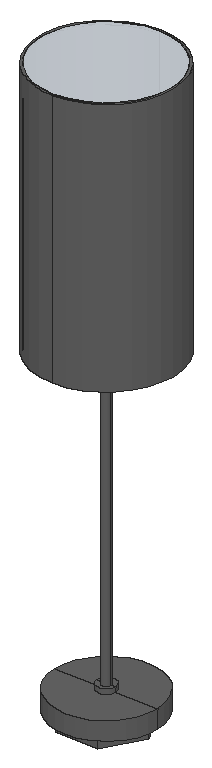
Revit family "LTC-6RDW-P", category Lighting Fixtures, host Face, Revit 2017
Family settings
  Host = Face
  Round Connector Dimension = Use Diameter
  Part Type = Normal
  OmniClass Number = 23.80.70.11.14.11
  OmniClass Title = Downlights
  Cut with Voids When Loaded = No
  Light Source = Yes
  Shared = No
  Room Calculation Point = No
Parameters (values of type "LTC-6RDW-P")
  Wattage Comments = ""
  Wattage = 70 W
  Warranty = "• 5 year warranty\r\n• See HLI Standard Warranty for\r\nadditional information"  # constant formula
  built-in parameter 1150110 = 1 (stored number, unit not read)
  Voltage = 120 V
  built-in parameter 1114217 = 1 (stored number, unit not read)
  Tilt Angle = -90.00°  # constant formula
  built-in parameter 1150109 = 1 (stored number, unit not read)
  built-in parameter 1150134 = 3
  built-in parameter 1150113 = 1 (stored number, unit not read)
  Recessed_Canopy = yes
  Photometric Web File = "LTC-6RD-P-20L35K8MD-DM1-S-BL.ies"
  Features = "• 6inch architectural LED downlight and wall wash cylinder delivering 600 - 2500 lm \r\n• 4 beam distributions from 0.3 to 1.1 Spacing Criteria \r\n• Quiet reflector appearance with 50º optical cutoff \r\n• SpectraSync™ Color Tuning technology allows the flexibility to tailor CCT to aesthetic preferences\r\n• Available in Dim To Warm (2200K-3000K) or Tunable White (2700K-5000K or 2700K-6500K), 90+ CRI \r\n• Available in Surface, Wall, Pendant, or Cable/Cord Mount configurations \r\n• Versatile canopy options for recessed and surface-mounted J-box applications \r\n• Standard with 0-10V dimming to 5%\r\n"  # constant formula
  Cord Height = 17.500"
  built-in parameter 1150105 = 389.93 (stored number, unit not read)
  Lumens = 4900 lm
  built-in parameter 1150115 = 1 (stored number, unit not read)
  built-in parameter 1150137 = (empty or 0)
  built-in parameter 1150139 = (empty or 0)
  built-in parameter 1150112 = 1 (stored number, unit not read)
  built-in parameter 1150114 = 1 (stored number, unit not read)
  built-in parameter 1150132 = (empty or 0)
  built-in parameter 1150102 = (empty or 0)
  built-in parameter 1150107 = 3200 (stored number, unit not read)
  built-in parameter 1150138 = (empty or 0)
  built-in parameter 1150106 = 3.8993 (stored number, unit not read)
  Emit from Circle Diameter = 6.000"  # constant formula
  Emit Shape Visible in Rendering = no
  built-in parameter 1150104 = 6.5032 (stored number, unit not read)
  Dimming Lamp Color Temperature Shift = <None>
  Copyright = "© 2021 Prescolite, a division of Hubbell Lighting, Inc"  # constant formula
  Contact us = "https://www.hubbell.com/prescolite/en/contactUs"
  Color Filter = 16777215
  Certifications = "• cCSAus certified to UL 1598\r\n• Wall Mount: Suitable for wet locations\r\n• Surface & Pendant Mount: Suitable for wet\r\nlocations under covered ceiling\r\n• Cord Mount and all Wall Wash: Suitable for\r\ndamp locations"  # constant formula
  Canopy Width = 5.600"
  Canopy Height = 1.000"
  Canopy = yes
  built-in parameter 1114218 = 1 (stored number, unit not read)
  Ballast = Paint - Hubbell - Carbon Black
  URL = "https://www.hubbell.com/prescolite/en"
  Product Page URL = "https://www.hubbell.com/prescolite/en/Products/Lighting-Controls/Commercial-Indoor-Lighting/Cylinders/LITEISTRY-6-Round-Cylinder-wSpectraSync/p/3775873"
  Product Documentation Link = "https://hubbellcdn.com/specsheet/LTC-6RDW%20SpectraSync.pdf"
  Model = "LTC-6RDW"  # constant formula
  Manufacturer = "Prescolite"  # constant formula
  Lamp = "LED Lamp"
  Reflector = Glass - Hubbell - Glass
  Description = "LITEISTRY™ 6inch Round Cylinder with color turing"  # constant formula
  Default Elevation = 48.000"
  built-in parameter 1150133 = 10 (stored number, unit not read)
  Apparent Load = 72 VA  # constant formula
Types (3): name | Recessed_Canopy | Canopy Width | Canopy Height
  (no name) | yes | 5.600" | 1.000"
  LTC-6RDW-P | yes | 5.600" | 1.000"
  LTC-6RDW-PCC | no | 7.500" | 3.000"
Reference planes (in)
  plane 1 "Center (Front/Back)": y = 0
  plane 2: z = 0
  plane 3 "Center (Left/Right)": x = 0
  plane 4: z = 17.5
  plane 5: z = 17.25
  plane 6: x = -1
  plane 7: y = 1
  plane 8: x = 1
  plane 9: y = -1
  plane 10: z = 0.25
  plane 11: x = 2.8
  plane 12: x = -2.8
  plane 13: z = 1
  plane 14: z = 31.5
Forms (in)
  Revolve 1, solid, material "Paint - Hubbell - Carbon Black" <- "Ballast"
    sketch origin (0, 0, -5.91673) x (1, 0, 0) y (0, 0, 1)
      loop
        line (-0.5, 6.91673) -> (0, 6.91673) -> (0, 23.41673) -> (-0.38833, 23.41673) -> (-0.38833, 23.16673) -> (-0.25, 23.16673) -> (-0.25, 7.16673) -> (-0.5, 7.16673) -> (-0.5, 6.91673)
      axis (0, 23.41673) -> (0, 6.91673)
    angle from 0 to 360
  Revolve 2, solid, material "Paint - Hubbell - Carbon Black" <- "Ballast"
    sketch origin (0, 0, 0) x (1, 0, 0) y (0, 0, 1)
      loop
        line (0, 0) -> (2.8, 0) -> (2.8, 1) -> (0, 1) -> (0, 0)
      axis (0, 1) -> (0, 0)
    angle from 0 to 360
  Extrusion 3, solid, material "Paint - Hubbell - Carbon Black" <- "Ballast", visible <- "Recessed_Canopy"
    sketch origin (7.83986, -180, 7.93836) x (-1, 0, 0) y (0, -1, 0)
      loop
        line (8.99456, -182) -> (10.14926, -180) -> (8.99456, -178) -> (6.68516, -178) -> (5.53046, -180) -> (6.68516, -182) -> (8.99456, -182)
    from -8.56936 to -7.93836
Dimensions and locks (in)
  "Cord Height": plane 4 to host face
  locked: plane 4 to plane 5 at 0.25
  plane 6 to plane 3 "Center (Left/Right)" to plane 8 = 1.000" locked, 1.000" locked
  plane 7 to plane 1 "Center (Front/Back)" to plane 9 = 1.000" locked, 1.000" locked
  locked: plane 10 to level at 0.25
  nested 1 to nested 1 = 7.33984"
  nested 1 to plane 4 = 14.000"
  equal spacing: plane 11, plane 3 "Center (Left/Right)", plane 12
  "Canopy Width": plane 11 to plane 12
  "Canopy Height": plane 13 to plane 2
  locked: Revolve 1 sketch curve to Revolve 1 sketch curve at 0.25
  locked: plane 14 to plane 4 at 14
  aligned and locked: plane 2 to host face
  aligned and locked: Revolve 1 sketch curve to plane 4
  aligned and locked: plane 5 to Revolve 1 sketch curve
  aligned and locked: plane 3 "Center (Left/Right)" to nested 1
  aligned and locked: nested 1 to plane 1 "Center (Front/Back)"
  aligned and locked: plane 3 "Center (Left/Right)" to imposter light
  aligned and locked: Revolve 2 sketch curve to host face
  aligned and locked: Revolve 2 sketch curve to plane 3 "Center (Left/Right)"
  aligned and locked: Revolve 2 sketch curve to plane 13
  aligned and locked: plane 11 to Revolve 2 sketch curve
  aligned and locked: imposter light to plane 14
  aligned and locked: plane 13 to Revolve 1 sketch curve
  aligned and locked: level to Extrusion 3
Automatic sketch dimensions
  host sketch curve to host sketch curve = 96.000"  (x2)
  Revolve 1 sketch curve to plane 3 "Center (Left/Right)" = 0.000"  (x2)
  Revolve 1 sketch curve to plane 3 "Center (Left/Right)" = 0.250"
  Revolve 1 sketch curve to Revolve 1 sketch curve = 0.13833"
  Revolve 1 sketch curve to level = 13.75728"
  Revolve 1 sketch curve to Revolve 1 sketch curve = 7.74272"
  Revolve 2 sketch curve to plane 3 "Center (Left/Right)" = 0.000"
  Revolve 2 sketch curve to level = 23.63999"
  plane 4 to Revolve 2 sketch curve = 85.57883"
  Revolve 1 sketch curve to Revolve 1 sketch curve = 0.250"
  plane 1 "Center (Front/Back)" to Extrusion 3 sketch curve = 0.000"  (x2)
  plane 8 to Extrusion 3 sketch curve = 1.3094"
  plane 8 to Extrusion 3 sketch curve = 0.1547"  (x2)
  Extrusion 3 sketch curve to plane 6 = 0.1547"  (x2)
  Extrusion 3 sketch curve to plane 6 = 1.3094"
  plane 7 to Extrusion 3 sketch curve = 1.000"
  Extrusion 3 sketch curve to plane 9 = 1.000"
Nested families (in)
  nested 1: "LTC" at (0, 0, 17.5) x (0, 1, 0) z (0, 0, 1), Ballast <- "Ballast", Reflector <- "Reflector", type "6"
    with Reflector Glass - Hubbell - Glass, Ballast Paint - Hubbell - Carbon Black
Connectors (in)
  electrical at (0, 0, 0), driven by "Description", driven by "Voltage", driven by "Apparent Load"
    settings: index 1, voltage 120 V, apparent load 72 VA, apparent load phase1 0 VA, apparent load phase2 0 VA, apparent load phase3 0 VA, power factor 1, load classification "Other", number of poles 1, system type 30, power factor state 1, is connector primary yes, connector utility no, sub classification motor no, connector description "LITEISTRY™ 6inch Round Cylinder with color turing"
Definition of nested family "LTC"
  Parameters
    Width = 7.33984"
    Wattage Comments = ""
    Lamp = ""
    Ballast [instance] = none
    URL = ""
    Product Page URL = ""
    Product Documentation Link = ""
    Model = ""
    Manufacturer Phone = ""
    Manufacturer Fax = ""
    Manufacturer = "Prescolite"
    Reflector [instance] = none
    Description = ""
    Default Elevation = 48.000"
  Reference planes (in)
    plane 1 "Center (Front/Back)": y = 0
    plane 2: z = 0
    plane 3 "Center (Left/Right)": x = 0
    plane 4: y = 7.75
    plane 5: y = -7.75
    plane 6: x = -3.66992
    plane 7: x = 3.66992
    plane 8: z = 14
    plane 9: z = 0.125
    plane 10: x = 3.54492
    plane 11: z = 13.875
  Forms (in)
    Extrusion 1, solid
      sketch origin (0, 0, 0) x (1, 0, 0) y (0, 1, 0)
        loop
          line (-48, 48) -> (-48, -48) -> (48, -48) -> (48, 48) -> (-48, 48)
      from 0 to -6
    Extrusion 2, solid, material <- "Reflector"
      sketch origin (0, 0, 30.25) x (1, 0, 0) y (0, 1, 0)
        loop
          circle (0, 0) r 3.54492
      from -16.25 to -16.375
    Revolve 3, solid, material <- "Ballast"
      sketch origin (0, 0, -1.25) x (1, 0, 0) y (0, 0, 1)
        loop
          line (3.66992, 15.25) -> (3.54492, 15.25) -> (3.54492, 1.375) -> (0, 1.375) -> (0, 1.25) -> (3.66992, 1.25) -> (3.66992, 15.25)
        axis (0, 15.25) -> (0, 1.25)
      angle from 0 to 360
  Dimensions and locks (in)
    locked: plane 4 to plane 1 "Center (Front/Back)" at 7.75
    locked: plane 5 to plane 1 "Center (Front/Back)" at 7.75
    "Width": plane 7 to plane 6
    plane 8 to Extrusion 1 = 14.000"
    locked: plane 8 to plane 11 at 0.125
    locked: plane 7 to plane 10 at 0.125
    equal spacing: plane 7, plane 3 "Center (Left/Right)", plane 6
    locked: plane 9 to Extrusion 1 at 0.125
    aligned and locked: plane 2 to Extrusion 1
    aligned and locked: Revolve 3 sketch curve to plane 3 "Center (Left/Right)"
    aligned and locked: plane 8 to Revolve 3 sketch curve
    aligned and locked: plane 9 to Revolve 3 sketch curve
    aligned and locked: Revolve 3 to Extrusion 2
    aligned and locked: Extrusion 2 to plane 11
    aligned and locked: Extrusion 2 sketch curve to Revolve 3
    aligned and locked: Revolve 3 sketch curve to plane 10
    aligned and locked: Revolve 3 sketch curve to plane 7
  Automatic sketch dimensions
    Extrusion 1 sketch curve to Extrusion 1 sketch curve = 96.000"  (x2)
    Revolve 3 sketch curve to plane 3 "Center (Left/Right)" = 0.000"
    Revolve 3 sketch curve to level = 10.000"
    Revolve 3 sketch curve to Revolve 3 sketch curve = 8.000"
    Revolve 3 sketch curve to plane 9 = 0.125"
